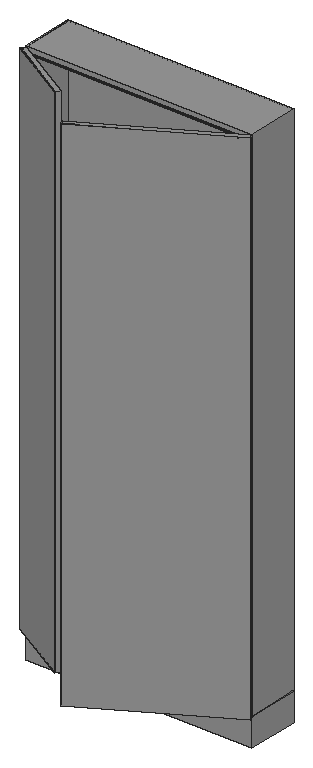
Revit family "Hager-Univers-IP54-D205-H1950-Cl.I-Encl-NoHosted-CH-fr", category Electrical Equipment, Revit 2020
Family settings
  Panel Configuration = Two Columns, Circuits Across
  Round Connector Dimension = Use Diameter
  Part Type = Panelboard
  Work Plane-Based = Yes
  Always vertical = Yes
  Cut with Voids When Loaded = No
  Shared = No
  Room Calculation Point = No
Parameters (values of type "installation au sol IP54 L800 H1950 P205  - FP23TW2")
  Width Control [instance] = if([EF000008 - largeur] > Min Width, [EF000008 - largeur], Min Width)  # 800 mm
  Type Comments = [HG000003 - Gamme]  # "Univers"
  Thickness Door [instance] = if([EF009171 - épaisseur de matériau de la porte/du couvercle] > 3 mm, 3 mm, [EF009171 - épaisseur de matériau de la porte/du couvercle])  # 1 mm
  Seal Frame Offset [instance] = 17 mm  # constant formula
  Plinth Visibility [instance] = [HG000027 - Hauteur du socle] > 0 mm  # yes
  Min Width [instance] = 100 mm  # constant formula
  Min Depth [instance] = (2 * [EF009170 - épaisseur de matériau du boîtier]) + 1 mm  # 3 mm
  Min Height [instance] = 100 mm  # constant formula
  Internal Frame Depth [instance] = (Door System Depth * 0.5)  # 9 mm
  Panel Name [instance] = ""  # (empty or 0)
  Model = ""
  HG000027 - Hauteur du socle = 100 mm
  HG000026 - Installation au sol = yes
  HG000024 - Hauteur de la section basse = 600 mm
  HG000023 - Armoire double section = no
  HG000016 - Visibilité de la porte 3D [instance] = yes
  HG000015 - Visibilité de l'emprise de la porte [instance] = no
  HG000014 - Porte à droite [instance] = yes
  HG000013 - Porte à gauche [instance] = not([HG000014 - Porte à droite])  # no
  HG000012 - Angle de pivotement de la porte [instance] = 30.00°
  HG000010 - Portes asymétriques = yes
  HG000009 - Porte à double battant = yes
  HG000006 - Encastré = no
  HG000004 - Référence fabricant = "FP23TW2"
  HG000003 - Gamme = "Univers"
  HG000002 - avec porte = yes
  Frame Offset Bottom [instance] = 10 mm  # constant formula
  Frame Offset [instance] = 15 mm  # constant formula
  EF015940 - couvercle avec décharge de pression = no
  EF011959 - degré de protection (NEMA) = ""
  EF009554 - nombre d'ouvertures pour plaques à bride = 6
  EF009212 - finition du couvercle = "EV000116 - fermé"
  EF009171 - épaisseur de matériau de la porte/du couvercle = 1 mm
  EF009170 - épaisseur de matériau du boîtier = 1 mm
  EF008873 - courant nominal (In) = 400 A
  EF007800 - adapté à un parafoudre = no
  EF006306 - avec serrure = no
  EF006244 - couvercle/porte transparent(e) = no
  EF005474 - indice de protection (IP) = "EV006419 - IP54"
  EF004464 - type de porte = "EV002646 - unique"
  EF004427 - nombre de modules = 432
  EF004293 - indice de protection contre les chocs (IK) = "EV006815 - IK09"
  EF003532 - convient pour utilisation à l’extérieur = no
  EF002950 - largeur en nombre de modules = 36
  EF001613 - maintien de fonction = "EV000494 - sans"
  EF001596 - matériau du boîtier/corps = "EV000179 - acier"
  EF001131 - profondeur intérieure = 205 mm
  EF001088 - possibilité de montage en saillie = yes
  EF000437 - nombre d'entrées de conduit = 6
  EF000339 - type de capot = "EV001012 - couvercle"
  EF000266 - nombre de rangées = 12
  EF000218 - profondeur d'encastrement = 0 mm
  EF000118 - avec cadre/support de montage = no
  EF000116 - numéro RAL = "9010"
  EF000049 - profondeur = 205 mm
  EF000040 - hauteur = 1950 mm
  EF000008 - largeur = 800 mm
  EF000007 - couleur = "EV000202 - blanc"
  EF000003 - mode de pose = "EV012274 - installation au sol"
  Door System Leaf Tolerance [instance] = 1.5 mm  # constant formula
  Door System Depth [instance] = 18 mm  # constant formula
  Door Height [instance] = Height Control - [HG000027 - Hauteur du socle]  # 1850 mm
  Description = ""
  Default Elevation = 1219.2 mm
  Connector Offset [instance] = Height Control / 2  # 975 mm
  Manufacturer = "Hager"  # constant formula
  Height Control [instance] = if([EF000040 - hauteur] > Min Height, [EF000040 - hauteur], Min Height)  # 1950 mm
  Depth Control [instance] = if([EF000049 - profondeur] > Min Depth, [EF000049 - profondeur], Min Depth)  # 205 mm
  Bottom Top Plate Trim [instance] = 1.5 mm  # constant formula
  Plinth height Ctrl [instance] = if([HG000027 - Hauteur du socle] > 0 mm, [HG000027 - Hauteur du socle], 12 mm)  # 100 mm
Types (4, lengths in mm): name | Width Control | HG000010 - Portes asymétriques | HG000009 - Porte à double battant | HG000004 - Référence fabricant | EF009554 - nombre d'ouvertures pour plaques à bride | EF008873 - courant nominal (In) | EF004464 - type de porte | EF004427 - nombre de modules | EF002950 - largeur en nombre de modules | EF000437 - nombre d'entrées de conduit | EF000008 - largeur
  installation au sol IP54 L1300 H1950 P205  - FP25TW2 | 1300 | yes | yes | "FP25TW2" | 10 | 400 A | "EV003602 - double" | 720 | 60 | 10 | 1300
  installation au sol IP54 L300 H1950 P205  - FP21TW2 | 300 | no | no | "FP21TW2" | 2 | 250 A | "EV002646 - unique" | 144 | 12 | 2 | 300
  installation au sol IP54 L550 H1950 P205  - FP22TW2 | 550 | no | no | "FP22TW2" | 4 | 400 A | "EV002646 - unique" | 288 | 24 | 4 | 550
  installation au sol IP54 L800 H1950 P205  - FP23TW2 | 800 | yes | yes | "FP23TW2" | 6 | 400 A | "EV002646 - unique" | 432 | 36 | 6 | 800
Reference planes
  plane 1 "Center (Front/Back)": y = 0
  plane 2: z = 0
  plane 3 "Center (Left/Right)": x = 0
  plane 4: y = 0
  plane 5: y = 0
  plane 6: z = 0
  plane 7: x = -400
  plane 8: x = 400
  plane 9: x = 399
  plane 10: x = -399
  plane 11: z = 100
  plane 12: z = 101
  plane 13: y = -205
  plane 14: y = -1
  plane 15: x = 0
  plane 16: y = -187
  plane 17: y = -204
  plane 18: y = -186
  plane 19: x = -384
  plane 20: x = 384
  plane 21: z = 111
  plane 22: x = -383
  plane 23: x = 383
  plane 24: z = 100
  plane 25: z = 1950
  plane 26: z = 1950
  plane 27: z = 1934
  plane 28: z = 1949
Forms (mm)
  Extrusion 1, solid, material "Hager_Steel_RAL7035_Light_Grey", detail levels medium+fine
    sketch origin (-208.679, -4572, 100) x (-1, 0, 0) y (0, -1, 0)
      loop
        line (191.321, -4385) -> (-608.679, -4385) -> (-608.679, -4572) -> (191.321, -4572) -> (191.321, -4385)
    from 0 to 1850
  Extrusion 2, void
    sketch origin (-350.771, -205, 1219.2) x (1, 0, 0) y (0, 0, 1)
      loop
        line (-48.229, 729.8) -> (-48.229, -1118.2) -> (749.771, -1118.2) -> (749.771, 729.8) -> (-48.229, 729.8)
    from -19 to -204
  Extrusion 3, void
    sketch origin (-290.084, -187, 1219.2) x (1, 0, 0) y (0, 0, 1)
      loop
        line (-93.916, -1108.2) -> (674.084, -1108.2) -> (674.084, 714.8) -> (-93.916, 714.8) -> (-93.916, -1108.2)
    from 0 to -1
  Extrusion 4, solid, material "Hager_Steel_RAL7035_Light_Grey", visible <- "Plinth Visibility", detail levels medium+fine
    sketch origin (0, 0, 0) x (1, 0, 0) y (0, 1, 0)
      loop
        line (-400, 0) -> (-400, -187) -> (400, -187) -> (400, 0) -> (-400, 0)
    from 0 to 100 <- "Plinth height Ctrl"
  Extrusion 5, solid, material "Hager_Steel_RAL7035_Light_Grey", detail levels coarse
    sketch origin (0, 0, 0) x (1, 0, 0) y (0, 1, 0)
      loop
        line (-400, 0) -> (-400, -205) -> (400, -205) -> (400, 0) -> (-400, 0)
    from 0 to 1950 <- "Height Control"
  Sweep 6, void
    path in 3D
      loop
        line (-400, -187, 100) -> (400, -187, 100) -> (400, 0, 100) -> (-400, 0, 100) -> (-400, -187, 100)
    profile origin (-400, -93.5, 100) x (1, 0, 0) y (0, 0, 1)
      loop
        line (0, 0) -> (0, -1.5) -> (1.5, -1.5)
        arc (1.5, -1.5) -> (1.061, -0.439) -> (0, 0) r 1.5
  Extrusion 7, solid, material "Hager_Steel_RAL7035_Light_Grey", detail levels fine
    sketch origin (-400, -187, 100) x (1, 0, 0) y (0, 0, 1)
      loop
        line (16, 11) -> (784, 11) -> (784, 1834) -> (16, 1834) -> (16, 11)
      loop
        line (15, 10) -> (785, 10) -> (785, 1835) -> (15, 1835) -> (15, 10)
    from 0 to 9 <- "Internal Frame Depth"
Cuts and joins
  Extrusion 2, Extrusion 3 cuts Extrusion 1
  Sweep 6 cuts Extrusion 4
Lines and regions (mm)
  Masking region 1
    outline origin (0, 0, 0) x (1, 0, 0) y (0, 1, 0)
      loop
        line (-400, 0) -> (-400, -205) -> (400, -205) -> (400, 0) -> (-400, 0)
  Masking region 2, detail levels coarse
    outline origin (-290.084, -187, 1219.2) x (-1, 0, 0) y (0, 0, 1)
      loop
        line (-690.084, -1219.2) -> (109.916, -1219.2) -> (109.916, 730.8) -> (-690.084, 730.8) -> (-690.084, -1219.2)
  Masking region 3, detail levels coarse
    outline origin (0, 0, 0) x (0, 1, 0) y (0, 0, 1)
      loop
        line (0, 0) -> (0, 1950) -> (-205, 1950) -> (-205, 0) -> (0, 0)
  Masking region 4, visible <- "Plinth Visibility", detail levels medium+fine
    outline origin (0, 0, 0) x (0, 1, 0) y (0, 0, 1)
      loop
        line (-1.5, 100) -> (-185.5, 100)
        arc (-185.5, 100) -> (-185.939, 98.939) -> (-187, 98.5) r 1.5
        line (-187, 98.5) -> (-187, 0) -> (0, 0) -> (0, 98.5)
        arc (0, 98.5) -> (-1.061, 98.939) -> (-1.5, 100) r 1.5
  Masking region 5, detail levels medium+fine
    outline origin (0, 0, 594.038) x (0, 1, 0) y (0, 0, 1)
      loop
        line (0, -494.038) -> (0, 1355.962) -> (-187, 1355.962) -> (-187, -494.038) -> (0, -494.038)
  Masking region 6, detail levels medium+fine
    outline origin (-359.7, -187, 1211.883) x (-1, 0, 0) y (0, 0, 1)
      loop
        line (-759.7, -1111.883) -> (40.3, -1111.883) -> (40.3, 738.117) -> (-759.7, 738.117) -> (-759.7, -1111.883)
  Masking region 7, visible <- "Plinth Visibility", detail levels medium+fine
    outline origin (-320.334, -187, 1041.368) x (-1, 0, 0) y (0, 0, 1)
      loop
        line (-720.334, -1041.368) -> (79.666, -1041.368) -> (79.666, -942.868)
        arc (79.666, -942.868) -> (78.606, -942.429) -> (78.166, -941.368) r 1.5
        line (78.166, -941.368) -> (-718.834, -941.368)
        arc (-718.834, -941.368) -> (-719.273, -942.429) -> (-720.334, -942.868) r 1.5
        line (-720.334, -942.868) -> (-720.334, -1041.368)
  sketch lines
    curve 1: line (-400, 0, 100) -> (-400, -187, 100)
    curve 2: line (-400, -187, 100) -> (400, -187, 100)
    curve 3: line (400, 0, 100) -> (-400, 0, 100)
    curve 4: line (400, -187, 100) -> (400, 0, 100)
Dimensions and locks
  locked: plane 1 "Center (Front/Back)" to plane 5
  "EF009170 - épaisseur de matériau du boîtier": plane 7 to plane 10
  "EF009170 - épaisseur de matériau du boîtier": plane 8 to plane 9
  equal spacing: plane 7, plane 3 "Center (Left/Right)", plane 8
  "Width Control": plane 7 to plane 8
  "Depth Control": plane 4 to plane 13
  "EF009170 - épaisseur de matériau du boîtier": plane 4 to plane 14
  "Height Control": plane 25 to level
  "HG000027 - Hauteur du socle": plane 11 to level
  "EF009170 - épaisseur de matériau du boîtier": plane 12 to plane 11
  "EF009170 - épaisseur de matériau du boîtier": plane 17 to plane 13
  "EF009170 - épaisseur de matériau du boîtier": plane 18 to plane 16
  "Frame Offset Bottom": plane 21 to plane 12
  "Frame Offset": plane 10 to plane 19
  "Frame Offset": plane 9 to plane 20
  "Door System Depth": plane 16 to plane 13
  "Seal Frame Offset": plane 7 to plane 22
  "Seal Frame Offset": plane 8 to plane 23
  "EF009170 - épaisseur de matériau du boîtier": plane 26 to plane 28
  "Frame Offset": plane 28 to plane 27
  "Connector Offset": plane 2 to connector elem
  "Bottom Top Plate Trim": profile plane to Sweep 6 sketch curve
  "Bottom Top Plate Trim": Sweep 6 sketch curve to Sweep 6 sketch curve
  "Plinth height Ctrl": Masking region 4 sketch curve to level
  "Plinth height Ctrl": Masking region 7 sketch curve to level
  "Thickness Door": Extrusion 7 sketch curve to Extrusion 7 sketch curve  (x4)
  "Bottom Top Plate Trim": radius of Sweep 6 sketch curve
  "Bottom Top Plate Trim": radius of Masking region 4 sketch curve  (x2)
  "Bottom Top Plate Trim": radius of Masking region 7 sketch curve  (x2)
  aligned and locked: Extrusion 2 sketch curve to plane 12
  aligned and locked: Extrusion 2 sketch curve to plane 9
  aligned and locked: Extrusion 2 sketch curve to plane 10
  aligned and locked: Extrusion 2 to plane 14
  aligned and locked: Extrusion 1 sketch curve to plane 4
  aligned and locked: plane 8 to Extrusion 1 sketch curve
  aligned and locked: plane 7 to Extrusion 1 sketch curve
  aligned and locked: Extrusion 2 to plane 18
  aligned and locked: Extrusion 3 sketch curve to plane 19
  aligned and locked: plane 20 to Extrusion 3 sketch curve
  aligned and locked: Extrusion 3 to Extrusion 2
  aligned and locked: Extrusion 3 sketch curve to plane 21
  aligned and locked: plane 3 "Center (Left/Right)" to nested 1
  aligned and locked: Extrusion 1 sketch curve to plane 16
  aligned and locked: Extrusion 4 sketch curve to cut or joined group of Extrusion 1, Extrusion 2, Extrusion 3
  aligned and locked: Masking region 1 sketch curve to plane 7
  aligned and locked: Masking region 1 sketch curve to plane 5
  aligned and locked: Masking region 1 sketch curve to plane 8
  aligned and locked: Masking region 2 sketch curve to level
  aligned and locked: level to Masking region 3 sketch curve
  aligned and locked: plane 1 "Center (Front/Back)" to Masking region 3 sketch curve
  aligned and locked: plane 13 to Masking region 3 sketch curve
  aligned and locked: plane 5 to Masking region 4 sketch curve
  aligned and locked: Masking region 2 sketch curve to plane 8
  aligned and locked: Masking region 2 sketch curve to plane 7
  aligned and locked: plane 7 to nested 2
  aligned and locked: nested 2 to plane 5
  aligned and locked: plane 5 to Masking region 5 sketch curve
  aligned and locked: plane 26 to Masking region 5 sketch curve
  aligned and locked: Extrusion 5 sketch curve to plane 8
  aligned and locked: Extrusion 5 sketch curve to plane 7
  aligned and locked: Extrusion 5 sketch curve to plane 5
  aligned and locked: Extrusion 3 sketch curve to plane 27
  aligned and locked: Extrusion 2 sketch curve to plane 28
  aligned and locked: Masking region 2 to plane 25
  aligned and locked: Extrusion 4 to plane 16
  aligned and locked: profile plane to Sweep 6 sketch curve
  aligned and locked: Masking region 5 sketch curve to plane 24
  aligned and locked: level to Masking region 4 sketch curve
  aligned and locked: Masking region 1 to plane 13
  aligned and locked: nested 1 to plane 16
  aligned and locked: Masking region 3 to plane 25
  aligned and locked: plane 16 to Masking region 4 sketch curve
  aligned and locked: Masking region 5 sketch curve to plane 16
  aligned and locked: plane 24 to plane 11
  aligned and locked: plane 26 to plane 25
  aligned and locked: plane 26 to cut or joined group of Extrusion 1, Extrusion 2, Extrusion 3
  aligned and locked: nested 1 to plane 24
  aligned and locked: Extrusion 1 to Extrusion 3
  aligned and locked: Masking region 6 sketch curve to plane 8
  aligned and locked: Masking region 6 sketch curve to plane 24
  aligned and locked: Masking region 6 sketch curve to plane 7
  aligned and locked: Masking region 6 sketch curve to plane 26
  aligned and locked: Masking region 7 sketch curve to plane 7
  aligned and locked: level to Masking region 7 sketch curve
  aligned and locked: Masking region 7 sketch curve to plane 8
  aligned and locked: Extrusion 7 sketch curve to cut or joined group of Extrusion 1, Extrusion 2, Extrusion 3  (x4)
Automatic sketch dimensions
  plane 19 to Extrusion 3 sketch curve = 0 mm
  Extrusion 3 sketch curve to plane 20 = 0 mm
  Extrusion 3 sketch curve to plane 21 = 0 mm
  Extrusion 4 sketch curve to plane 7 = 0 mm
  Extrusion 4 sketch curve to plane 8 = 0 mm
  Extrusion 4 sketch curve to plane 16 = 0 mm
  Masking region 1 sketch curve to plane 13 = 0 mm
  Masking region 2 sketch curve to plane 25 = 0 mm
  Masking region 3 sketch curve to plane 25 = 0 mm
  Extrusion 5 sketch curve to plane 13 = 0 mm
  profile plane to Sweep 6 sketch curve = 0 mm
Nested families
  nested 1: "EC000058_Univers_Door" at (0, -187, 100), Double <- "HG000009 - Porte à double battant", Transparent <- "EF006244 - couvercle/porte transparent(e)", Angle <- "HG000012 - Angle de pivotement de la porte", Door_Right <- "HG000014 - Porte à droite", Assymetrical <- "HG000010 - Portes asymétriques", Door <- "HG000002 - avec porte", Width_Ctrl <- "Width Control", 3d_Door <- "HG000016 - Visibilité de la porte 3D", Clearance <- "HG000015 - Visibilité de l'emprise de la porte", Door_Left <- "HG000013 - Porte à gauche", Width <- "Width Control", Door_Depth <- "Door System Depth", Leaf_Tolerance <- "Door System Leaf Tolerance", Height <- "Door Height", Lock_Visibility <- "EF006306 - avec serrure", Thickness <- "Thickness Door", type "EC000058_Univers_Door", detail levels medium+fine
    with min_wh 3 mm, Width_Ctrl 800 mm, Width 800 mm, Transparent no, Thickness 1 mm, Seal_Material Hager_Rubber, Lock_Visibility no, Lock_Material Hager_Plastic_RAL9005_Jet_Black, Leaf_Width 800 mm, Leaf_Tolerance_External_Sides 0 mm, Leaf_Tolerance 1.5 mm, Leaf_Offset 0 mm, Leaf_Height 1847 mm, Leaf_2_Width 532.583 mm, Leaf_2_Offset 266.292 mm, Leaf_1_Width 265.917 mm, Leaf_1_Offset 132.958 mm, Height_Ctrl 1850 mm, Height 1850 mm, Glass_Material Hager_Glass, Double_Clearance_Ctrl no, Double yes, Door_Right_Ctrl yes, Door_Right yes, Door_Material Hager_Steel_RAL7035_Light_Grey, Door_Left_Ctrl yes, Door_Left no, Door_Depth 18 mm, Door yes, Clearance_Material Hager_Clearance, Clearance_Depth 532.583 mm, Clearance_Ctrl no, Clearance no, Assymetrical yes, Angle 30.00°, 3d_Door yes
  nested 2: "Hager_Enclosure_Symbol" at (-400, 0, 0), Height <- "Depth Control", Width <- "Width Control", type "Hager_Enclosure_Symbol"
    with Width_Ctrl 800 mm, Width 800 mm, Height_Ctrl 205 mm, Height 205 mm, A_Width_Int 13.453 mm, A_Width 161.438 mm, A_Height_Ctrl 179.375 mm, A_Height 179.375 mm
Connectors
  electrical at (0, 0, 975)
    settings: on plane 1 "Center (Front/Back)", index 1, voltage 0 V, apparent load 0 VA, apparent load phase1 0 VA, apparent load phase2 0 VA, apparent load phase3 0 VA, power factor 1, load classification "Other", number of poles 1, system type 30, power factor state 1, is connector primary yes, connector utility no, sub classification motor no, connector description ""
Definition of nested family "EC000058_Univers_Door"
  Parameters (values of type "EC000058_Univers_Door")
    min_wh [instance] = (2 * Thickness) + 1 mm  # 11 mm
    Width_Ctrl [instance] = 400 mm
    Width [instance] = 500 mm
    Transparent [instance] = yes
    Thickness [instance] = 5 mm
    Seal_Material [instance] = none
    Lock_Visibility [instance] = yes
    Lock_Material [instance] = none
    Leaf_Width [instance] = if((Width_Ctrl - 2 * Leaf_Tolerance_External_Sides) > 0 mm, (Width_Ctrl - 2 * Leaf_Tolerance_External_Sides), min_wh)  # 400 mm
    Leaf_Tolerance_External_Sides [instance] = 0 mm  # constant formula
    Leaf_Tolerance [instance] = 1.5 mm
    Leaf_Offset [instance] = 0 mm  # constant formula
    Leaf_Height [instance] = if((Height_Ctrl - 2 * Leaf_Tolerance) > 0 mm, (Height_Ctrl - 2 * Leaf_Tolerance), min_wh)  # 497 mm
    Leaf_2_Width [instance] = if(and(and(Double, Assymetrical), Door_Left), (Leaf_Width / 3) - (Leaf_Tolerance / 2), if(and(and(Double, Assymetrical), Door_Right), (Leaf_Width / 3) * 2 - (Leaf_Tolerance / 2), if(and(Double, not(Assymetrical)), (Leaf_Width / 2) - Leaf_Tolerance, Leaf_Width)))  # 400 mm
    Leaf_2_Offset [instance] = if(and(Double, Assymetrical), Leaf_2_Width / 2, if(and(Double, not(Assymetrical)), Leaf_Width / 4, Leaf_Width / 2))  # 200 mm
    Leaf_1_Width [instance] = if(and(and(Double, Assymetrical), Door_Right), (Leaf_Width / 3) - (Leaf_Tolerance / 2), if(and(and(Double, Assymetrical), Door_Left), (Width / 3) * 2 - (Leaf_Tolerance / 2), if(and(Double, not(Assymetrical)), (Leaf_Width / 2) - Leaf_Tolerance, Leaf_Width)))  # 400 mm
    Leaf_1_Offset [instance] = if(and(Double, Assymetrical), Leaf_1_Width / 2, if(and(Double, not(Assymetrical)), Leaf_Width / 4, Leaf_Width / 2))  # 200 mm
    Height_Ctrl [instance] = if(Height > min_wh, Height, min_wh)  # 500 mm
    Height [instance] = 500 mm
    Glass_Material [instance] = none
    Double_Clearance_Ctrl [instance] = and(Double, Clearance)  # no
    Double [instance] = no
    Door_Right_Ctrl [instance] = and(or(Door_Right, Double), Door)  # yes
    Door_Right [instance] = yes
    Door_Material [instance] = none
    Door_Left_Ctrl [instance] = and(or(Door_Left, Double), Door)  # no
    Door_Left [instance] = no
    Door_Depth [instance] = 30 mm
    Door [instance] = yes
    Default Elevation = 1219.2 mm
    Clearance_Material [instance] = none
    Clearance_Depth [instance] = if(Leaf_1_Width > Leaf_2_Width, Leaf_1_Width, Leaf_2_Width)  # 400 mm
    Clearance_Ctrl [instance] = and(not(Double), Clearance)  # yes
    Clearance [instance] = yes
    Assymetrical [instance] = yes
    Angle [instance] = 30.00°
    3d_Door [instance] = yes
  Reference planes
    plane 1 "Center (Front/Back)": y = 0
    plane 2 "Bottom": z = 0
    plane 3 "Center (Left/Right)": x = 0
    plane 4: z = 500
    plane 5: x = -200
    plane 6: x = 200
    plane 7: z = 500
    plane 8: x = -200
    plane 9: z = 0
    plane 10: x = 200
    plane 11: y = 0
    plane 12: z = 1.5
    plane 13: x = -600
    plane 14: y = -400
    plane 15: x = 600
    plane 16: x = 0
    plane 17: x = 0
    plane 18: x = -200
    plane 19: x = 200
    plane 20: z = 498.5
  Forms (mm)
    Extrusion 1, solid, material <- "Clearance_Material", visible <- "Double_Clearance_Ctrl"
      sketch origin (1200, 0, 0) x (1, 0, 0) y (0, 0, -1)
        loop
          line (-1800, -498.5) -> (-600, -498.5) -> (-600, 0) -> (-1800, 0) -> (-1800, -498.5)
      from 0 to -400
  Dimensions and locks
    equal spacing: plane 5, plane 3 "Center (Left/Right)", plane 6
    "Width_Ctrl": plane 5 to plane 6
    "Leaf_Offset": plane 5 to plane 8
    "Leaf_Offset": plane 6 to plane 10
    "Leaf_Offset": plane 9 to level
    "Leaf_Offset": plane 4 to plane 7
    "Height_Ctrl": plane 4 to level
    "Leaf_Tolerance": plane 12 to plane 9
    locked: plane 11 to plane 1 "Center (Front/Back)"
    "Leaf_1_Offset": plane 18 to plane 16
    "Leaf_2_Offset": plane 17 to plane 19
    "Leaf_1_Width": plane 13 to plane 8
    "Leaf_2_Width": plane 10 to plane 15
    "Clearance_Depth": plane 14 to plane 1 "Center (Front/Back)"
    "Leaf_Tolerance_External_Sides": plane 8 to plane 18
    "Leaf_Tolerance_External_Sides": plane 19 to plane 10
    "Leaf_Tolerance": plane 7 to plane 20
    aligned and locked: level to plane 2 "Bottom"
    aligned and locked: nested 1 to plane 16
    aligned and locked: nested 2 to plane 17
    aligned and locked: Extrusion 1 to plane 13
    aligned and locked: plane 15 to Extrusion 1
    aligned and locked: Extrusion 1 to plane 14
    aligned and locked: plane 12 to nested 1
    aligned and locked: nested 2 to plane 12
    aligned and locked: Extrusion 1 to plane 11
    aligned and locked: plane 20 to Extrusion 1
    aligned and locked: nested 2 to plane 11
    aligned and locked: nested 1 to plane 11
  Automatic sketch dimensions
    Extrusion 1 sketch curve to level = 0 mm
    plane 5 to Extrusion 1 sketch curve = 400 mm
    plane 6 to Extrusion 1 sketch curve = 400 mm
    Extrusion 1 sketch curve to plane 4 = 1.5 mm
  Nested families
    nested 1: "EC000058_Univers_Door_Leaf" at (0, 0, 1.5), Width <- "Leaf_1_Width", visible <- "Door_Left_Ctrl", Leaf_Height <- "Leaf_Height", Angle <- "Angle", 3d_Door <- "3d_Door", Transparent <- "Transparent", Clearance Material <- "Clearance_Material", Clearance <- "Clearance_Ctrl", Door_Material <- "Door_Material", Glass_Material <- "Glass_Material", Door_Depth <- "Door_Depth", Lock_Material <- "Lock_Material", Seal_Material <- "Seal_Material", Lock_Visibility <- "Lock_Visibility", Thickness <- "Thickness", type "EC000058_Univers_Door_Leaf"
      with Width 400 mm, Transparent_Glass_Offset 30 mm, Transparent_Ctrl yes, Transparent yes, Thickness 5 mm, Standard no, Seal_Material none, Seal_D2 8 mm, Seal_D1 1 mm, Offset_Internal_Frame 10 mm, Lock_Width 20 mm, Lock_Visibility_3d yes, Lock_Visibility yes, Lock_Thickness_3 3 mm, Lock_Thickness_2 1 mm, Lock_Thickness_1 3 mm, Lock_Radius_Offset_2 16 mm, Lock_Radius_Offset_1 15 mm, Lock_Radius_2 5 mm, Lock_Radius 6 mm, Lock_Offset 5 mm, Lock_Material none, Lock_Height 80 mm, Lock_Cover_Top_Offset_2d 17 mm, Lock_Cover_Height -65 mm, Leaf_Height 497 mm, Internal_Seal_Thickness 8 mm, Internal_Seal_Depth_2 4.5 mm, Internal_Frame_Depth 25 mm, Glass_Thickness -1 mm, Glass_Offset -2 mm, Glass_Material none, Door_Material none, Door_Depth 30 mm, Clearance Material none, Clearance yes, Angle_Ctrl 30.00°, Angle 30.00°, 3d_Door yes
    nested 2: "EC000058_Univers_Door_Leaf" at (0, 0, 1.5) x (-1, 0, 0) z (0, 0, 1), Width <- "Leaf_2_Width", visible <- "Door_Right_Ctrl", Leaf_Height <- "Leaf_Height", Angle <- "Angle", 3d_Door <- "3d_Door", Transparent <- "Transparent", Clearance Material <- "Clearance_Material", Clearance <- "Clearance_Ctrl", Door_Material <- "Door_Material", Glass_Material <- "Glass_Material", Door_Depth <- "Door_Depth", Lock_Material <- "Lock_Material", Seal_Material <- "Seal_Material", Lock_Visibility <- "Lock_Visibility", Thickness <- "Thickness", type "EC000058_Univers_Door_Leaf"
      with Width 400 mm, Transparent_Glass_Offset 30 mm, Transparent_Ctrl yes, Transparent yes, Thickness 5 mm, Standard no, Seal_Material none, Seal_D2 8 mm, Seal_D1 1 mm, Offset_Internal_Frame 10 mm, Lock_Width 20 mm, Lock_Visibility_3d yes, Lock_Visibility yes, Lock_Thickness_3 3 mm, Lock_Thickness_2 1 mm, Lock_Thickness_1 3 mm, Lock_Radius_Offset_2 16 mm, Lock_Radius_Offset_1 15 mm, Lock_Radius_2 5 mm, Lock_Radius 6 mm, Lock_Offset 5 mm, Lock_Material none, Lock_Height 80 mm, Lock_Cover_Top_Offset_2d 17 mm, Lock_Cover_Height -65 mm, Leaf_Height 497 mm, Internal_Seal_Thickness 8 mm, Internal_Seal_Depth_2 4.5 mm, Internal_Frame_Depth 25 mm, Glass_Thickness -1 mm, Glass_Offset -2 mm, Glass_Material none, Door_Material none, Door_Depth 30 mm, Clearance Material none, Clearance yes, Angle_Ctrl 30.00°, Angle 30.00°, 3d_Door yes
  Definition of nested family "EC000058_Univers_Door_Leaf"
    Parameters (values of type "EC000058_Univers_Door_Leaf")
      Width [instance] = 2000 mm
      Transparent_Glass_Offset [instance] = 30 mm
      Transparent_Ctrl [instance] = and(Transparent, [3d_Door])  # yes
      Transparent [instance] = yes
      Thickness [instance] = 5 mm
      Standard [instance] = and(not(Transparent), [3d_Door])  # no
      Seal_Material [instance] = none
      Seal_D2 [instance] = 8 mm  # constant formula
      Seal_D1 [instance] = 1 mm  # constant formula
      Offset_Internal_Frame [instance] = 10 mm  # constant formula
      Lock_Width [instance] = 20 mm  # constant formula
      Lock_Visibility_3d [instance] = and(Lock_Visibility, [3d_Door])  # yes
      Lock_Visibility [instance] = yes
      Lock_Thickness_3 [instance] = 3 mm  # constant formula
      Lock_Thickness_2 [instance] = 1 mm  # constant formula
      Lock_Thickness_1 [instance] = 3 mm  # constant formula
      Lock_Radius_Offset_2 [instance] = Lock_Radius_Offset_1 + 1 mm  # 16 mm
      Lock_Radius_Offset_1 [instance] = 15 mm  # constant formula
      Lock_Radius_2 [instance] = Lock_Radius - 1 mm  # 5 mm
      Lock_Radius [instance] = 6 mm  # constant formula
      Lock_Offset [instance] = 5 mm  # constant formula
      Lock_Material [instance] = none
      Lock_Height [instance] = 80 mm  # constant formula
      Lock_Cover_Top_Offset_2d [instance] = Lock_Radius_Offset_2 + 1 mm  # 17 mm
      Lock_Cover_Height [instance] = -(Lock_Height - Lock_Radius_Offset_1)  # -65 mm
      Leaf_Height [instance] = 2720.336 mm
      Internal_Seal_Thickness [instance] = 8 mm  # constant formula
      Internal_Seal_Depth_2 [instance] = 4.5 mm  # constant formula
      Internal_Frame_Depth [instance] = if(Door_Depth - Thickness > 5 mm, Door_Depth - Thickness, 5 mm)  # 25 mm
      Glass_Thickness [instance] = if(Thickness > 15 mm, Glass_Offset + 10 mm, -1 mm)  # -1 mm
      Glass_Offset [instance] = if(Thickness > 15 mm, -(Thickness + 10 mm) / 2, -2 mm)  # -2 mm
      Glass_Material [instance] = none
      Door_Material [instance] = none
      Door_Depth [instance] = 30 mm
      Default Elevation = 0 mm
      Clearance Material [instance] = none
      Clearance [instance] = yes
      Angle_Ctrl [instance] = if(Angle > 180.00°, 180.00°, Angle)  # 90.00°
      Angle [instance] = 90.00°
      3d_Door [instance] = yes
    Reference planes
      plane 1 "Center (Front/Back)": y = 0
      plane 2: z = 0
      plane 3 "Center (Left/Right)": x = 0
      plane 4: y = 2000
      plane 5: x = -1000
      plane 6: x = 1000
      plane 7: x = -3000
      plane 8: z = 2720.336
      plane 9: z = 30
      plane 10: z = 2690.336
      plane 11: x = 970
      plane 12: x = -970
      plane 13: y = -3
      plane 14: z = 107.833
      plane 15: y = -5
      plane 16: y = -223.314
      plane 17: x = -1000
      plane 18: z = 1360.168
      plane 19: y = 30
    Forms (mm)
      Extrusion 1, solid, material <- "Clearance Material", visible <- "Clearance"
        sketch origin (0, 0, 0) x (1, 0, 0) y (0, 0, 1)
          loop
            line (-3000, 2720.336) -> (-3000, 0) -> (1000, 0) -> (1000, 2720.336) -> (-3000, 2720.336)
        from 0 to -2000
      Extrusion 2, solid, material <- "Door_Material", visible <- "Standard", detail levels medium+fine
        sketch origin (-1000, 0, 0) x (0, 1, 0) y (-1, 0, 0)
          loop
            line (0, 30) -> (0, 25) -> (2000, 25) -> (2000, 30) -> (0, 30)
        from 0 to 2720.336 <- "Leaf_Height"
      Extrusion 3, solid, material <- "Door_Material", visible <- "Transparent_Ctrl", detail levels medium+fine
        sketch origin (-1000, 0, 0) x (0, 1, 0) y (-1, 0, 0)
          loop
            line (0, 25) -> (2000, 25) -> (2000, 30) -> (0, 30) -> (0, 25)
        from 0 to 2720.336 <- "Leaf_Height"
      Extrusion 4, void
        sketch origin (-1025, 2000, 0) x (0, 1, 0) y (0, 0, -1)
          loop
            line (-30, -2690.336) -> (-30, -30) -> (-1970, -30) -> (-1970, -2690.336) -> (-30, -2690.336)
        from 0 to 5 <- "Thickness"
      Sweep 5, solid, material <- "Seal_Material", visible <- "Transparent_Ctrl", detail levels fine
        path in 3D
          loop
            line (-1025, 30, 30) -> (-1025, 30, 2690.336) -> (-1025, 1970, 2690.336) -> (-1025, 1970, 30) -> (-1025, 30, 30)
        profile origin (-1025, 1000, 30) x (1, 0, 0) y (0, 0, 1)
          loop
            line (0, 0) -> (0, -8) -> (1, -8) -> (1, 0) -> (0, 0)
      Extrusion 6, solid, material <- "Glass_Material", visible <- "Transparent_Ctrl", detail levels medium+fine
        sketch origin (-1030, 0, 0) x (0, 1, 0) y (0, 0, -1)
          loop
            line (1970, -2690.336) -> (1970, -30) -> (30, -30) -> (30, -2690.336) -> (1970, -2690.336)
        from -2 <- "Glass_Offset" to -1 <- "Glass_Thickness"
      Extrusion 7, solid, material <- "Door_Material", visible <- "3d_Door", detail levels medium+fine
        sketch origin (-1025, 2000, 0) x (0, -1, 0) y (0, 0, -1)
          loop
            line (0, -2720.336) -> (2000, -2720.336) -> (2000, 0) -> (0, 0) -> (0, -2720.336)
          loop
            line (1995, -5) -> (5, -5) -> (5, -2715.336) -> (1995, -2715.336) -> (1995, -5)
        from 0 to 25 <- "Internal_Frame_Depth"
      Sweep 8, solid, material <- "Seal_Material", visible <- "Transparent_Ctrl", detail levels fine
        path in 3D
          loop
            line (-1025, 0, 0) -> (-1025, 2000, 0) -> (-1025, 2000, 2720.336) -> (-1025, 0, 2720.336) -> (-1025, 0, 0)
        profile origin (-1025, 0, 1360.168) x (1, 0, 0) y (0, 1, 0)
          loop
            line (0, 10) -> (2.975, 10)
            arc (2.975, 10) -> (4.053, 10.447) -> (4.5, 11.525) r 1.525
            line (4.5, 11.525) -> (4.5, 16.527)
            arc (4.5, 16.527) -> (4.069, 17.569) -> (3.027, 18) r 1.473
            line (3.027, 18) -> (0, 18) -> (0, 10)
      Extrusion 9, solid, material <- "Lock_Material", visible <- "Lock_Visibility_3d", detail levels fine
        sketch origin (-1030, 0, 0) x (0, 1, 0) y (0, 0, -1)
          loop
            arc (1993.5, -1400.168) -> (1994.561, -1399.729) -> (1995, -1398.668) r 1.5
            line (1995, -1398.668) -> (1995, -1320.168) -> (1975, -1320.168) -> (1975, -1398.668)
            arc (1975, -1398.668) -> (1975.439, -1399.729) -> (1976.5, -1400.168) r 1.5
            line (1976.5, -1400.168) -> (1993.5, -1400.168)
        from 3 <- "Lock_Thickness_1" to 0
      Blend 10, solid, material <- "Lock_Material", visible <- "Lock_Visibility_3d", detail levels fine
        base sketch origin (-1033, 0, 0) x (0, 1, 0) y (0, 0, -1)
          loop
            line (1975, -1320.168) -> (1975, -1398.668)
            arc (1975, -1398.668) -> (1975.439, -1399.729) -> (1976.5, -1400.168) r 1.5
            line (1976.5, -1400.168) -> (1993.5, -1400.168)
            arc (1993.5, -1400.168) -> (1994.561, -1399.729) -> (1995, -1398.668) r 1.5
            line (1995, -1398.668) -> (1995, -1320.168) -> (1975, -1320.168)
        top sketch origin (-1033, 0, 0) x (0, 1, 0) y (0, 0, -1)
          loop
            line (1976, -1320.168) -> (1976, -1398.668)
            arc (1976, -1398.668) -> (1976.146, -1399.022) -> (1976.5, -1399.168) r 0.5
            line (1976.5, -1399.168) -> (1993.5, -1399.168)
            arc (1993.5, -1399.168) -> (1993.854, -1399.022) -> (1994, -1398.668) r 0.5
            line (1994, -1398.668) -> (1994, -1320.168) -> (1976, -1320.168)
        from 0 to 1 <- "Lock_Thickness_2"
      Blend 11, solid, material <- "Lock_Material", visible <- "Lock_Visibility_3d", detail levels fine
        base sketch origin (-1034, 0, 0) x (0, 1, 0) y (0, 0, -1)
          loop
            line (1978, -1320.168) -> (1978, -1384.168)
            arc (1978, -1384.168) -> (1985, -1391.168) -> (1992, -1384.168) r 7
            line (1992, -1384.168) -> (1992, -1320.168) -> (1978, -1320.168)
        top sketch origin (-1034, 0, 0) x (0, 1, 0) y (0, 0, -1)
          loop
            line (1991, -1320.168) -> (1979, -1320.168) -> (1979, -1383.168)
            arc (1979, -1383.168) -> (1985, -1389.168) -> (1991, -1383.168) r 6
            line (1991, -1383.168) -> (1991, -1320.168)
        from 0 to 3 <- "Lock_Thickness_3"
      Extrusion 12, solid, material <- "Lock_Material", visible <- "Lock_Visibility_3d", detail levels fine
        sketch origin (-1030, 1975, 1320.168) x (1, 0, 0) y (0, -1, 0)
          loop
            line (-7, -19) -> (-7, -1) -> (0, -1) -> (0, 0) -> (-8, 0) -> (-8, -20) -> (0, -20) -> (0, -19) -> (-7, -19)
        from 0 to -65 <- "Lock_Cover_Height"
      Extrusion 13, void
        sketch origin (-1038, 1995, 1320.168) x (-1, 0, 0) y (0, 0, -1)
          loop
            line (-5, -65) -> (0, -65) -> (-5, -60) -> (-5, -65)
        from 0 to 20 <- "Lock_Width"
      Extrusion 14, void
        sketch origin (-1038, 1975, 1320.168) x (0, -1, 0) y (0, 0, -1)
          loop
            circle (-10, -15.995) r 6
          loop
            circle (-10, -15.995) r 5
        from 0 to 2
      Extrusion 15, solid, material <- "Lock_Material", visible <- "Lock_Visibility_3d", detail levels medium
        sketch origin (-1030, 0, 0) x (0, 1, 0) y (0, 0, -1)
          loop
            arc (1993.5, -1400.168) -> (1994.561, -1399.729) -> (1995, -1398.668) r 1.5
            line (1995, -1398.668) -> (1995, -1320.168) -> (1975, -1320.168) -> (1975, -1398.668)
            arc (1975, -1398.668) -> (1975.439, -1399.729) -> (1976.5, -1400.168) r 1.5
            line (1976.5, -1400.168) -> (1993.5, -1400.168)
        from 8 to 0
    Cuts and joins
      Extrusion 4 cuts Extrusion 3
      Extrusion 13, Extrusion 14 cuts Extrusion 9
      Extrusion 14 cuts Blend 11
      Extrusion 13, Extrusion 14 cuts Extrusion 12
      joined: Extrusion 9, Blend 10, Blend 11, Extrusion 12
      Extrusion 14 cuts Extrusion 15
    Lines and regions (mm)
      Masking region 1, visible <- "Lock_Visibility", detail levels fine
        outline origin (0, 0, 0) x (0, 1, 0) y (0, 0, 1)
          loop
            line (30, 1320.168) -> (33, 1320.168) -> (33, 1400.168) -> (30, 1400.168) -> (30, 1320.168)
      Masking region 2, visible <- "Lock_Visibility", detail levels fine
        outline origin (0, 3.143, 0) x (0, 1, 0) y (0, 0, 1)
          loop
            line (29.857, 1354.168) -> (30.857, 1354.168) -> (30.857, 1366.168) -> (29.857, 1366.168) -> (29.857, 1354.168)
      Masking region 3, detail levels medium+fine
        outline origin (0, 0, 0) x (0, 1, 0) y (0, 0, 1)
          loop
            line (0, 0) -> (30, 0) -> (30, 2720.336) -> (0, 2720.336) -> (0, 0)
      Masking region 4, detail levels medium+fine
        outline origin (0, 0, 0) x (1, 0, 0) y (0, 0, 1)
          loop
            line (-1000, 2720.336) -> (-1000, 0) -> (1000, 0) -> (1000, 2720.336) -> (-1000, 2720.336)
      Masking region 5, visible <- "Lock_Visibility", detail levels fine
        outline origin (-47.116, 0, 0) x (1, 0, 0) y (0, 0, 1)
          loop
            arc (1024.616, 1399.168) -> (1023.556, 1398.729) -> (1023.116, 1397.668) r 1.5
            line (1023.116, 1397.668) -> (1023.116, 1320.168) -> (1041.116, 1320.168) -> (1041.116, 1397.668)
            arc (1041.116, 1397.668) -> (1040.677, 1398.729) -> (1039.616, 1399.168) r 1.5
            line (1039.616, 1399.168) -> (1024.616, 1399.168)
      Masking region 6, visible <- "Lock_Visibility", detail levels medium+fine
        outline origin (-25, 0, 0) x (1, 0, 0) y (0, 0, 1)
          loop
            arc (1001.5, 1400.168) -> (1000.439, 1399.729) -> (1000, 1398.668) r 1.5
            line (1000, 1398.668) -> (1000, 1320.168) -> (1020, 1320.168) -> (1020, 1398.668)
            arc (1020, 1398.668) -> (1019.561, 1399.729) -> (1018.5, 1400.168) r 1.5
            line (1018.5, 1400.168) -> (1001.5, 1400.168)
      Masking region 7, visible <- "Lock_Visibility", detail levels fine
        outline origin (-73.735, 0, 0) x (1, 0, 0) y (0, 0, 1)
          loop
            line (1051.735, 1382.168) -> (1065.735, 1382.168) -> (1065.735, 1384.168)
            arc (1065.735, 1384.168) -> (1058.735, 1391.168) -> (1051.735, 1384.168) r 7
            line (1051.735, 1384.168) -> (1051.735, 1382.168)
      Masking region 8, visible <- "Lock_Visibility", detail levels fine
        outline origin (-73.735, 0, 0) x (1, 0, 0) y (0, 0, 1)
          loop
            line (1052.735, 1382.168) -> (1064.735, 1382.168) -> (1064.735, 1383.168)
            arc (1064.735, 1383.168) -> (1058.735, 1389.168) -> (1052.735, 1383.168) r 6
            line (1052.735, 1383.168) -> (1052.735, 1382.168)
      Masking region 9, visible <- "Lock_Visibility", detail levels fine
        outline origin (-25, 0, 0) x (1, 0, 0) y (0, 0, 1)
          loop
            line (1020, 1320.168) -> (1020, 1382.168) -> (1000, 1382.168) -> (1000, 1320.168) -> (1020, 1320.168)
      Masking region 10, detail levels medium+fine
        outline origin (0, 0, 0) x (1, 0, 0) y (0, 0, 1)
          loop
            circle (985, 1335.144) r 6
      Masking region 11, detail levels fine
        outline origin (0, 0, 0) x (1, 0, 0) y (0, 0, 1)
          loop
            circle (985, 1335.144) r 5
      Masking region 12, visible <- "Lock_Visibility", detail levels fine
        outline origin (0, 12.767, 0) x (0, 1, 0) y (0, 0, 1)
          loop
            line (20.233, 1320.168) -> (21.233, 1320.168) -> (21.233, 1399.168) -> (20.233, 1400.168) -> (20.233, 1320.168)
      Masking region 13, visible <- "Lock_Visibility", detail levels fine
        outline origin (0, 13.767, -10) x (0, 1, 0) y (0, 0, 1)
          loop
            line (20.233, 1330.168) -> (23.233, 1330.168) -> (23.233, 1399.168) -> (20.233, 1402.168) -> (20.233, 1330.168)
      Masking region 14, visible <- "Lock_Visibility", detail levels fine
        outline origin (0, 12.767, -10) x (0, 1, 0) y (0, 0, 1)
          loop
            line (20.233, 1330.168) -> (25.233, 1330.168) -> (25.233, 1399.305) -> (20.233, 1394.305) -> (20.233, 1330.168)
      Masking region 15, visible <- "Lock_Visibility", detail levels medium
        outline origin (0, 0, 0) x (0, 1, 0) y (0, 0, 1)
          loop
            line (30, 1320.168) -> (38, 1320.168) -> (38, 1400.168) -> (30, 1400.168) -> (30, 1320.168)
      Masking region 16, visible <- "Lock_Visibility", detail levels fine
        outline origin (-1000, 0, 0) x (0, 1, 0) y (-1, 0, 0)
          loop
            line (1975, 30) -> (1995, 30) -> (1995, 38) -> (1975, 38) -> (1975, 30)
          loop
            line (1979, 37) -> (1976, 37) -> (1976, 34) -> (1978, 34) -> (1979, 37)
          loop
            line (1994, 37) -> (1991, 37) -> (1992, 34) -> (1994, 34) -> (1994, 37)
      Masking region 17, visible <- "Lock_Visibility", detail levels medium
        outline origin (-1000, 0, 0) x (0, 1, 0) y (-1, 0, 0)
          loop
            line (1975, 30) -> (1995, 30) -> (1995, 38) -> (1975, 38) -> (1975, 30)
      symbolic lines
        curve 1: line (1000, 0, 0) -> (-3000, 0, 0)
        curve 2: arc (1000, 0, 0) -> (-1000, 2000, 0) -> (-3000, 0, 0) r 2000
        curve 4: line (-1030, 0, 0) -> (-1030, 2000, 0)
      reference lines
        curve 3: line (-1000, 0, 0) -> (-1000, 2000, 0)
      symbolic lines, detail levels medium+fine
        curve 5: line (-1030, 2000, 0) -> (-1025, 2000, 0)
        curve 7: line (-1025, 0, 0) -> (-1030, 0, 0)
        curve 8: line (-1025, 0, 0) -> (-1000, 0, 0)
        curve 9: line (-1000, 0, 0) -> (-1000, 2000, 0)
        curve 10: line (-1000, 2000, 0) -> (-1025, 2000, 0)
      symbolic lines, detail levels fine
        curve 6: line (-1025, 2000, 0) -> (-1025, 0, 0)
      sketch lines
        curve 11: line (-1025, 0, 2720.336) -> (-1025, 0, 0)
        curve 12: line (-1025, 2000, 0) -> (-1025, 0, 0)
        curve 13: line (-1025, 2000, 2720.336) -> (-1025, 2000, 0)
        curve 14: line (-1025, 0, 2720.336) -> (-1025, 2000, 2720.336)
        curve 15: line (-1025, 1970, 30) -> (-1025, 30, 30)
        curve 16: line (-1025, 30, 30) -> (-1025, 30, 2690.336)
        curve 17: line (-1025, 1970, 2690.336) -> (-1025, 1970, 30)
        curve 18: line (-1025, 30, 2690.336) -> (-1025, 1970, 2690.336)
      symbolic lines, visible <- "Transparent", detail levels medium+fine
        curve 19: line (-970, 0, 2690.336) -> (970, 0, 2690.336)
        curve 20: line (-970, 0, 30) -> (-970, 0, 2690.336)
        curve 21: line (970, 0, 30) -> (-970, 0, 30)
        curve 22: line (970, 0, 2690.336) -> (970, 0, 30)
    Dimensions and locks
      "Width": plane 1 "Center (Front/Back)" to plane 4
      equal spacing: plane 5, plane 3 "Center (Left/Right)", plane 6
      "Width": plane 5 to plane 6
      "Width": plane 7 to plane 5
      "Leaf_Height": plane 8 to level
      "Width": curve 5 to curve 3
      "Width": curve 3 to curve 3
      plane 8 to plane 10 = 30 mm
      plane 9 to level = 30 mm
      plane 12 to plane 5 = 30 mm
      plane 6 to plane 11 = 30 mm
      Extrusion 1 to Extrusion 4 sketch curve = 30 mm
      "Transparent_Glass_Offset": curve 3 to Extrusion 4 sketch curve
      "Transparent_Glass_Offset": Extrusion 4 sketch curve to cut or joined group of Extrusion 3, Extrusion 4  (x2)
      cut or joined group of Extrusion 3, Extrusion 4 to Extrusion 6 sketch curve = 30 mm
      "Transparent_Glass_Offset": cut or joined group of Extrusion 3, Extrusion 4 to Extrusion 4 sketch curve
      "Thickness": curve 6 to curve 4
      "Thickness": Extrusion 7 sketch curve to Extrusion 7 sketch curve  (x4)
      "Door_Depth": curve 4 to curve 3
      "Offset_Internal_Frame": profile plane to Sweep 8 sketch curve
      "Internal_Seal_Thickness": Sweep 8 sketch curve to Sweep 8 sketch curve
      "Internal_Seal_Depth_2": profile plane to Sweep 8 sketch curve
      "Seal_D1": profile plane to Sweep 5 sketch curve
      "Seal_D2": profile plane to Sweep 5 sketch curve
      "Thickness": Extrusion 2 sketch curve to Extrusion 2 sketch curve
      equal spacing: Extrusion 9 sketch curve, plane 18, Extrusion 9 sketch curve  (x2)
      equal spacing: Masking region 1 sketch curve, plane 18, Masking region 1 sketch curve
      "Lock_Height": Masking region 1 sketch curve to Masking region 1 sketch curve
      "Lock_Radius": Masking region 2 sketch curve to plane 18 to Masking region 2 sketch curve
      Masking region 2 sketch curve to Masking region 1 = 1 mm
      "Door_Depth": plane 19 to plane 1 "Center (Front/Back)"
      "Lock_Thickness_1": Masking region 1 sketch curve to plane 19
      "Lock_Width": Extrusion 9 sketch curve to Extrusion 9 sketch curve
      "Lock_Height": Extrusion 9 sketch curve to Extrusion 9 sketch curve
      "Lock_Offset": cut or joined group of Extrusion 3, Extrusion 4 to Extrusion 9 sketch curve
      equal spacing: plane 8, plane 18, level
      "Lock_Radius_Offset_1": Blend 11 sketch curve to Blend 10
      locked: Blend 10 to Blend 11 sketch curve at 2  (x2)
      locked: var sketch to Blend 11 sketch curve at 1  (x2)
      "Lock_Radius_Offset_2": Blend 11 sketch curve to Blend 10
      locked: Extrusion 12 sketch curve to Extrusion 12 sketch curve at 1  (x3)
      Masking region 6 sketch curve to Masking region 6 sketch curve = 80 mm
      "Lock_Height": Masking region 6 sketch curve to Masking region 6 sketch curve
      "Lock_Width": Masking region 6 sketch curve to Masking region 6 sketch curve
      locked: Masking region 6 to Masking region 5 sketch curve at 1  (x3)
      locked: Masking region 5 to Masking region 7 sketch curve at 2  (x2)
      "Lock_Radius_Offset_1": Masking region 5 to Masking region 7 sketch curve
      "Lock_Radius_Offset_2": Masking region 5 to Masking region 8 sketch curve
      locked: Masking region 7 to Masking region 8 sketch curve at 1  (x2)
      "Lock_Cover_Top_Offset_2d": Masking region 5 to Masking region 9 sketch curve
      equal spacing: Masking region 9, Masking region 10 sketch curve, Masking region 9
      equal spacing: Masking region 9, Masking region 11 sketch curve, Masking region 9
      Extrusion 15 sketch curve to Extrusion 15 sketch curve = 80 mm
      "Lock_Width": Extrusion 15 sketch curve to Extrusion 15 sketch curve
      "Lock_Height": Extrusion 15 sketch curve to Extrusion 15 sketch curve
      equal spacing: Extrusion 15 sketch curve, plane 18, Extrusion 15 sketch curve
      "Lock_Thickness_3": Masking region 13 sketch curve to Masking region 13 sketch curve
      "Lock_Height": Masking region 12 sketch curve to Masking region 12 sketch curve
      locked: Masking region 13 sketch curve to Masking region 1 at 8
      locked: Masking region 14 sketch curve to Masking region 13 at 1
      locked: Masking region 14 sketch curve to Masking region 1 at 10.863
      "Lock_Height": Masking region 15 sketch curve to Masking region 15 sketch curve
      "Lock_Offset": Extrusion 15 sketch curve to cut or joined group of Extrusion 3, Extrusion 4
      "Lock_Offset": plane 6 to Masking region 6 sketch curve
      radius of Sweep 8 sketch curve = 1.525 mm
      radius of Sweep 8 sketch curve = 1.473 mm
      radius of Extrusion 9 sketch curve = 1.5 mm  (x2)
      "Lock_Radius": radius of Extrusion 14 sketch curve
      "Lock_Radius_2": radius of Extrusion 14 sketch curve
      "Lock_Radius": radius of Masking region 10 sketch curve
      "Lock_Radius_2": radius of Masking region 11 sketch curve
      radius of Extrusion 15 sketch curve = 1.5 mm  (x2)
      "Angle_Ctrl": angle plane 1 "Center (Front/Back)" to curve 3
      locked: Masking region 12 sketch curve to Masking region 12 sketch curve (angle 45.00°)
      locked: Masking region 13 sketch curve to Masking region 13 sketch curve (angle 45.00°)
      locked: Masking region 14 sketch curve to Masking region 14 sketch curve (angle 45.00°)
      aligned and locked: level to plane 2
      aligned and locked: Extrusion 1 to curve 1
      aligned and locked: plane 6 to Extrusion 1
      aligned and locked: Extrusion 1 to plane 1 "Center (Front/Back)"
      aligned and locked: plane 4 to Extrusion 1
      aligned and locked: plane 8 to Extrusion 1
      aligned and locked: curve 7 to Extrusion 2 sketch curve
      aligned and locked: curve 5 to Extrusion 2 sketch curve
      aligned and locked: curve 7 to Extrusion 3 sketch curve
      aligned and locked: Extrusion 3 sketch curve to curve 4
      aligned and locked: Extrusion 3 sketch curve to curve 6
      aligned and locked: Extrusion 3 sketch curve to curve 5
      aligned and locked: curve 9 to curve 3
      aligned and locked: Extrusion 7 sketch curve to cut or joined group of Extrusion 3, Extrusion 4  (x4)
      aligned and locked: plane 17 to curve 3
      aligned and locked: plane 1 "Center (Front/Back)" to curve 3
      aligned and locked: plane 17 to plane 5
      aligned and locked: Sweep 8 sketch curve to profile plane
      aligned and locked: Sweep 5 sketch curve to profile plane  (x2)
      aligned and locked: Masking region 1 to Masking region 2 sketch curve
      aligned and locked: plane 19 to Masking region 1 sketch curve
      aligned and locked: plane 1 "Center (Front/Back)" to Masking region 3 sketch curve
      aligned and locked: plane 19 to Masking region 3 sketch curve
      aligned and locked: level to Masking region 3 sketch curve
      aligned and locked: Masking region 3 sketch curve to plane 8
      aligned and locked: plane 17 to Masking region 4 sketch curve
      aligned and locked: level to Masking region 4 sketch curve
      aligned and locked: Masking region 4 sketch curve to plane 8
      aligned and locked: plane 12 to curve 20
      aligned and locked: plane 10 to curve 19
      aligned and locked: plane 11 to curve 22
      aligned and locked: curve 21 to plane 9
      aligned and locked: Extrusion 2 sketch curve to cut or joined group of Extrusion 3, Extrusion 4
      aligned and locked: Blend 10 sketch curve to Extrusion 9  (x4)
      aligned and locked: Extrusion 9 to Blend 10 sketch curve
      aligned and locked: Blend 10 to Blend 11 sketch curve
      aligned and locked: Extrusion 12 sketch curve to Blend 11
      aligned and locked: Extrusion 12 sketch curve to Extrusion 9  (x4)
      aligned and locked: Masking region 5 sketch curve to Masking region 6
      aligned and locked: Masking region 9 sketch curve to Masking region 6  (x3)
      aligned and locked: Masking region 12 sketch curve to Masking region 1
      aligned and locked: Masking region 13 sketch curve to Masking region 1
      aligned and locked: Masking region 12 to Masking region 14
      aligned and locked: Masking region 14 sketch curve to Masking region 1
      aligned and locked: Masking region 15 sketch curve to Masking region 14
      aligned and locked: Masking region 13 sketch curve to Masking region 12
      aligned and locked: Masking region 16 sketch curve to cut or joined group of Extrusion 14, Extrusion 15  (x4)
      aligned and locked: Masking region 16 sketch curve to cut or joined group of Extrusion 9, Blend 10, Blend 11, Extrusion 12, Extrusion 13, Extrusion 14  (x6)
      aligned and locked: cut or joined group of Extrusion 9, Blend 10, Blend 11, Extrusion 12, Extrusion 13, Extrusion 14 to Masking region 16 sketch curve
      aligned and locked: Masking region 17 sketch curve to cut or joined group of Extrusion 14, Extrusion 15  (x3)
      aligned and locked: Masking region 17 sketch curve to cut or joined group of Extrusion 9, Blend 10, Blend 11, Extrusion 12, Extrusion 13, Extrusion 14
      aligned and locked: Masking region 9 to Masking region 8 sketch curve
      aligned and locked: Masking region 9 to Masking region 7 sketch curve
    Automatic sketch dimensions
      plane 1 "Center (Front/Back)" to curve 2 = 0 mm
      curve 2 to plane 5 = 0 mm
      Extrusion 1 sketch curve to level = 0 mm
      Extrusion 1 sketch curve to plane 7 = 0 mm
      Extrusion 1 sketch curve to plane 6 = 0 mm
      Extrusion 1 sketch curve to plane 8 = 0 mm
      Extrusion 3 to Extrusion 6 sketch curve = 30 mm  (x4)
      Masking region 4 sketch curve to plane 6 = 0 mm
      Blend 10 sketch curve to Extrusion 9 = 1.5 mm
      Blend 10 sketch curve to Extrusion 9 = 1 mm
      Extrusion 13 sketch curve to Extrusion 12 = 0 mm  (x2)
      Extrusion 12 to Extrusion 13 sketch curve = 3 mm
      Extrusion 13 sketch curve to Extrusion 12 = 5 mm
      Extrusion 14 sketch curve to Extrusion 14 sketch curve = 0 mm  (x2)
      Extrusion 14 sketch curve to Extrusion 12 = 10 mm
      Extrusion 14 sketch curve to Extrusion 12 = 15.995 mm
      Masking region 5 sketch curve to Masking region 5 sketch curve = 1.5 mm  (x2)
      Masking region 10 sketch curve to plane 18 = 25.024 mm
      Masking region 11 sketch curve to plane 18 = 25.024 mm
      plane 19 to Masking region 14 sketch curve = 3 mm
      Masking region 16 sketch curve to Masking region 16 sketch curve = 3 mm
      curve 4 to curve 3 = 0 mm
      Blend 10 to Blend 11 sketch curve = 0 mm
      Masking region 6 sketch curve to Masking region 6 sketch curve = 1.5 mm  (x2)
      Masking region 6 sketch curve to plane 18 = 40 mm
      plane 19 to Masking region 12 sketch curve = 3 mm
      Masking region 12 sketch curve to Masking region 12 sketch curve = 1 mm
      Masking region 15 sketch curve to plane 19 = 0 mm
      Masking region 15 sketch curve to plane 18 = 40 mm
      radius of Blend 10 sketch curve to Extrusion 9 = 1 mm
Definition of nested family "Hager_Enclosure_Symbol"
  Parameters (values of type "Hager_Enclosure_Symbol")
    Width_Ctrl [instance] = if(Width > 1 mm, Width, 1 mm)  # 102.27 mm
    Width [instance] = 102.27 mm
    Height_Ctrl [instance] = if(Height > 1 mm, Height, 1 mm)  # 66.5 mm
    A_Width_Int [instance] = if(A_Width / 12 > 2 mm, A_Width / 12, 2 mm)  # 4.364 mm
    A_Width [instance] = if(A_Height_Ctrl * 0.9 > 2 mm, A_Height_Ctrl * 0.9, 2 mm)  # 52.369 mm
    A_Height_Ctrl [instance] = if(A_Height > 2 mm, A_Height, 2 mm)  # 58.188 mm
    Height [instance] = 66.5 mm
    A_Height [instance] = Height - (Height / 8)  # 58.188 mm
  Reference planes
    plane 1 "Centre (avant/arrière)": y = 0
    plane 2: z = 0
    plane 3 "Centre (gauche/droite)": x = 0
    plane 4: x = 52.369
    plane 5: y = 33.042
    plane 6: y = 41.77
    plane 7: y = 66.5
    plane 8: x = 26.184
    plane 9: y = 37.406
    plane 10: x = 102.27
    plane 11: y = 66.5
    plane 12: y = 8.313
  Lines and regions (mm)
    Filled region 1, type "Solid_Black", in view "Niveau de réf."
      outline origin (0, 0, 0) x (1, 0, 0) y (0, 1, 0)
        loop
          line (52.369, 66.5) -> (33.188, 54.536) -> (45.365, 45.006) -> (52.369, 66.5)
    Filled region 2, type "Solid_Black", in view "Niveau de réf."
      outline origin (0, 0, 0) x (1, 0, 0) y (0, 1, 0)
        loop
          line (0, 0) -> (102.27, 0) -> (102.27, 66.5) -> (0, 0)
    detail lines, in view "Niveau de réf."
      curve 1: line (0, 8.313, 0) -> (26.184, 41.77, 0)
      curve 2: line (26.184, 41.77, 0) -> (26.184, 33.042, 0)
      curve 3: line (26.184, 33.042, 0) -> (52.369, 66.5, 0)
  Dimensions and locks
    "A_Width": plane 3 "Centre (gauche/droite)" to plane 4
    equal spacing: plane 3 "Centre (gauche/droite)", plane 8, plane 4
    equal spacing: plane 6, plane 9, plane 5
    equal spacing: curve 3, Filled region 1 sketch curve, Filled region 1 sketch curve
    "Height_Ctrl": plane 1 "Centre (avant/arrière)" to plane 11
    "A_Height_Ctrl": plane 11 to plane 12
    equal spacing: plane 11, plane 9, plane 12
    "A_Width_Int": plane 6 to plane 9
    "Width_Ctrl": plane 3 "Centre (gauche/droite)" to plane 10
    angle Filled region 1 sketch curve to curve 3 = 20.00°
    angle curve 3 to Filled region 1 sketch curve = 20.00°
    locked: curve 3 to Filled region 1 sketch curve (angle 90.00°)
    aligned and locked: plane 10 to Filled region 2
    aligned and locked: plane 11 to Filled region 2 sketch curve
    aligned and locked: plane 10 to Filled region 2 sketch curve
    aligned and locked: plane 3 "Centre (gauche/droite)" to curve 1
    aligned and locked: plane 12 to curve 1
    aligned and locked: plane 7 to plane 11
  Automatic sketch dimensions
    Filled region 1 sketch curve to plane 4 = 0 mm
    Filled region 1 sketch curve to plane 7 = 0 mm
    plane 1 "Centre (avant/arrière)" to Filled region 2 sketch curve = 0 mm
    Filled region 2 sketch curve to plane 3 "Centre (gauche/droite)" = 0 mm
    curve 2 to plane 6 = 0 mm
    curve 2 to plane 8 = 0 mm
    curve 3 to plane 4 = 0 mm
    curve 2 to plane 5 = 0 mm
    curve 3 to plane 7 = 0 mm
